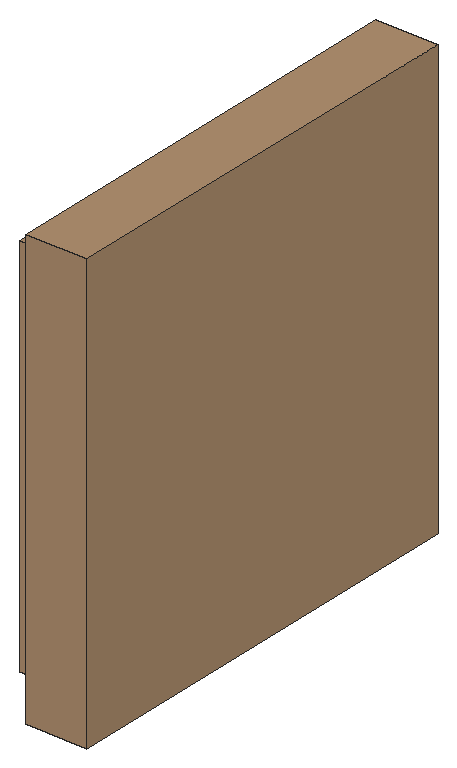
Revit family "M_Termination - Wood - Rectangular", category Terminations, Revit 2018
Family settings
  Work Plane-Based = No
  Always vertical = Yes
  Cut with Voids When Loaded = No
  Shared = No
Parameters
  Width = 100 mm
  Termination Material = Cherry
  T1 = 6 mm
  Extension Length = 20 mm
Reference planes
  plane 1 "Center (Front/Back)": y = 0
  plane 2: z = 0
  plane 3 "Center (Left/Right)": x = 0
  plane 4: x = 20
  plane 5: x = 6
  plane 6: y = 50
  plane 7: y = -50
  plane 8: z = 50
  plane 9: z = -50
  plane 10: z = 44
  plane 11: z = -44
  plane 12: y = 44
  plane 13: y = -44
Forms (mm)
  Extrusion 1, solid, material "Cherry" <- "Termination Material"
    sketch origin (0, 0, 0) x (0, 1, 0) y (0, 0, 1)
      loop
        line (50, 50) -> (-50, 50) -> (-50, -50) -> (50, -50) -> (50, 50)
    from 6 to 20
  Extrusion 2, solid, material "Cherry" <- "Termination Material"
    sketch origin (0, 0, 0) x (0, 1, 0) y (0, 0, 1)
      loop
        line (44, 44) -> (-44, 44) -> (-44, -44) -> (44, -44) -> (44, 44)
    from 0 to 6
Lines and regions (mm)
  Masking region 1, detail levels fine
    outline origin (0, 0, 0) x (1, 0, 0) y (0, 1, 0)
      loop
        line (0, 44) -> (0, -44) -> (6, -44) -> (6, -50) -> (20, -50) -> (20, 50) -> (6, 50) -> (6, 44) -> (0, 44)
  symbolic lines, detail levels fine
    curve 1: line (6, 50, 0) -> (20, 50, 0)
    curve 2: line (6, -50, 0) -> (6, 50, 0)
    curve 3: line (20, -50, 0) -> (6, -50, 0)
    curve 4: line (20, 50, 0) -> (20, -50, 0)
    curve 5: line (6, 44, 0) -> (0, 44, 0)
    curve 6: line (0, 44, 0) -> (0, -44, 0)
    curve 7: line (0, -44, 0) -> (6, -44, 0)
Dimensions and locks
  "Extension Length": plane 3 "Center (Left/Right)" to plane 4
  "T1": plane 3 "Center (Left/Right)" to plane 5
  equal spacing: plane 6, plane 1 "Center (Front/Back)", plane 7
  equal spacing: plane 8, plane 2, plane 9
  "Width": plane 6 to plane 7
  locked: plane 8 to plane 10 at 6
  locked: plane 11 to plane 9 at 6
  locked: plane 6 to plane 12 at 6
  locked: plane 13 to plane 7 at 6
  "Width": plane 8 to plane 9
  aligned and locked: level to plane 2
  aligned and locked: Extrusion 1 sketch curve to plane 8
  aligned and locked: plane 9 to Extrusion 1 sketch curve
  aligned and locked: plane 6 to Extrusion 1 sketch curve
  aligned and locked: Extrusion 1 sketch curve to plane 7
  aligned and locked: plane 10 to Extrusion 2 sketch curve
  aligned and locked: Extrusion 2 sketch curve to plane 12
  aligned and locked: Extrusion 2 sketch curve to plane 11
  aligned and locked: plane 13 to Extrusion 2 sketch curve
  aligned and locked: plane 5 to Extrusion 2
  aligned and locked: Extrusion 1 to plane 5
  aligned and locked: plane 4 to Extrusion 1
  aligned and locked: plane 5 to Extrusion 1
  aligned and locked: Extrusion 2 to plane 5
  aligned and locked: Extrusion 2 to plane 3 "Center (Left/Right)"
  aligned and locked: Extrusion 1 to plane 4
  aligned and locked: plane 6 to Masking region 1 sketch curve
  aligned and locked: Masking region 1 sketch curve to plane 4
  aligned and locked: Masking region 1 sketch curve to plane 7
  aligned and locked: plane 5 to Masking region 1 sketch curve  (x2)
  aligned and locked: plane 12 to Masking region 1 sketch curve
  aligned and locked: Masking region 1 sketch curve to plane 13
  aligned and locked: plane 3 "Center (Left/Right)" to Masking region 1 sketch curve
  aligned and locked: plane 6 to curve 1
  aligned and locked: curve 3 to plane 7
  aligned and locked: plane 5 to curve 2
  aligned and locked: curve 4 to plane 4
  aligned and locked: curve 5 to plane 12
  aligned and locked: plane 13 to curve 7
  aligned and locked: curve 6 to plane 3 "Center (Left/Right)"
